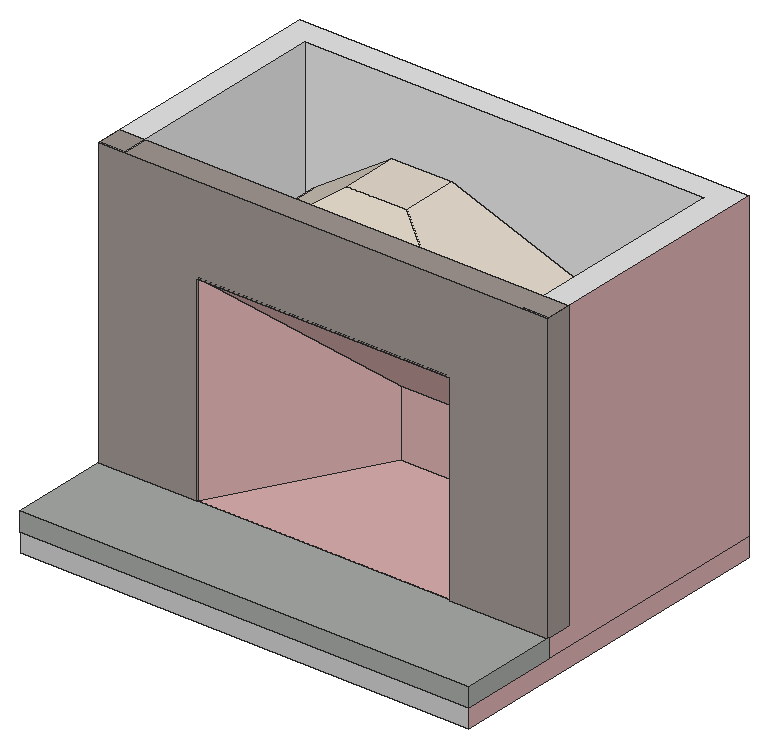
Revit family "Masonry-Fireplace", category Mechanical Equipment, Revit 2026
Family settings
  Round Connector Dimension = Use Diameter
  Part Type = Normal
  Classification Number = 23.40.20.34.14
  Work Plane-Based = No
  Always vertical = Yes
  Cut with Voids When Loaded = No
  Maintain Annotation Orientation = No
  Shared = No
  Room Calculation Point = No
Parameters
  Warranty Duration (Years) = 0
  Smoke Shelf Height = Foundation to TO Smoke Chamber - Hearth Height from Finished Floor - Firebox Height  # 1' - 2"
  Slab Thickness = 0' - 3"
  Slab Material = ARCAT - Concrete - Cast-in-Place Concrete
  Foundation to TO Smoke Chamber = 4' - 4"
  FlueRad = 0' - 8"
  Flue W = 0' - 9 77/128"
  Flue Liner Material [instance] = Masonry - Clay
  URL = "http://www.arcat.com/"
  Test Data = ""
  Specification = "http://www.arcat.com/divs/sec/sec04880.shtml"
  Sales Information = ""
  Projection into Living Space = 0' - 4"
  Product Properties = "http://www.arcat.com/bim/bim_info.pl?fn=Masonry-Fireplace"
  Product Data = "http://www.arcat.com/divs/sec/sec04880.shtml"
  Outer Wall Thickness = 0' - 4"
  Model = "Generic"  # constant formula
  Manufacturer Website = "http://www.arcat.com/"
  Manufacturer Phone - Toll Free = ""
  Manufacturer Phone = "(203) 929-9444"  # constant formula
  Manufacturer Fax = "(203) 939-2444"  # constant formula
  Manufacturer Email = "bim@arcat.com"  # constant formula
  Manufacturer Address = "1077 Bridgeport Ave, Shelton, CT  06484"  # constant formula
  Manufacturer = "Generic"  # constant formula
  Maintenance Schedule (Months) = 0
  Keynote = "04880"
  Installation_Fabrication = ""
  Installation Phase = ""
  Hearth Height from Finished Floor = 0' - 6"
  Hearth Extension = 1' - 4"
  Gross Width [instance] = 6' - 0"
  Gross Depth from Interior Wall [instance] = 3' - 0"
  Green Building - LEED = "http://www.arcat.com/green/green_building.shtml"
  Hearth Extension Material [instance] = Masonry - Bluestone
  Flue D = 0' - 9 3/32"
  Firebrick Width = 0' - 3"
  Firebox Width = 3' - 6"
  Firebox Material = Masonry - Firebrick
  Firebox Height = 2' - 8"
  Firebox Depth = 2' - 0"
  Firebox Back Width = Firebox Width / 3  # 1' - 2"
  Firebox Back Height = Firebox Height / 3  # 0' - 10.66667"
  Interior Finished Face Material [instance] = Masonry - River Rock
  Exterior Finish Face Material [instance] = Masonry - Brick
  Expected Lifespan (Years) = 75
  Drawn By = "Robert S. Weygant. CSI, CDT, SCIP"  # constant formula
  Description = "Masonry Fireplace"
  Default Elevation = 0' - 0"
  Copyright = "2008, ARCAT, Inc."  # constant formula
  Construction Details = "http://www.arcat.com/divs/sec/sec04880.shtml"
  Chimney Structure Material = Masonry - Concrete Masonry Units
  Building Codes = ""
  Assembly Code = "D3020"
Reference planes (in)
  plane 1 "Center (Front/Back)": y = 0
  plane 2 "Finished Floor": z = 0
  plane 3 "Center (Left/Right)": x = -1.29267
  plane 4 "Room Projection": y = -15
  plane 5 "Firebox Back": y = 9
  plane 6 "Firebox Left": x = -21.62447
  plane 7 "Firebox Right": x = 19.03913
  plane 8 "Interior Wall Face": y = -11
  plane 9: y = -31
  plane 10 "Firebox Top": z = 38
  plane 11 "Hearth Height": z = 6
  plane 12 "Outside Wall Left": x = -37.29267
  plane 13 "Outside Wall Back": y = 25
  plane 14 "Outside Wall Right": x = 34.70733
  plane 15 "TO SmokeShelf": z = 52
Forms (in)
  Revolve 1, solid, material "ARCAT - Plastic, ABS_ Black", not visible
    sketch origin (0, -17.5, 0) x (1, 0, 0) y (0, 0, 1)
      loop
        line (-0.5, 0) -> (-0.5, 1.25) -> (-0.84088, 1.25)
        arc (-0.84088, 1.25) -> (-0.78761, 0.67535) -> (-0.68042, 0.10828) r 6.11694
        arc (-0.68042, 0.10828) -> (-0.60039, 0.03718) -> (-0.5, 0) r 0.28974
      axis (-0.84088, 1.25) -> (-0.5, 1.25)
    angle from 0 to 360
  Revolve 2, solid, material "ARCAT - Plastic, ABS_ Black", not visible
    sketch origin (0, -17.5, 0) x (1, 0, 0) y (0, 0, 1)
      loop
        line (-0.42303, 0) -> (-0.03347, 0) -> (-0.03347, 1.25) -> (-0.42303, 1.25) -> (-0.42303, 0)
      axis (-0.42303, 1.25) -> (-0.03347, 1.25)
    angle from 0 to 360
  Revolve 3, solid, material "ARCAT - Plastic, ABS_ Black", not visible
    sketch origin (0, -17.5, 0) x (-1, 0, 0) y (0, 0, -1)
      loop
        arc (-0.5, 0) -> (-0.60039, -0.03718) -> (-0.68042, -0.10828) r 0.28974
        arc (-0.68042, -0.10828) -> (-0.78761, -0.67535) -> (-0.84088, -1.25) r 6.11694
        line (-0.84088, -1.25) -> (-0.5, -1.25) -> (-0.5, 0)
      axis (-0.84088, -1.25) -> (-0.5, -1.25)
    angle from 0 to 360
  Revolve 4, solid, material "ARCAT - Plastic, ABS_ Black", not visible
    sketch origin (0, -17.5, 0) x (-1, 0, 0) y (0, 0, -1)
      loop
        line (-0.42303, 0) -> (-0.42303, -1.25) -> (-0.03347, -1.25) -> (-0.03347, 0) -> (-0.42303, 0)
      axis (-0.42303, -1.25) -> (-0.03347, -1.25)
    angle from 0 to 360
  Extrusion 5, solid, material "ARCAT - Plastic, ABS_ Grey", not visible
    sketch origin (-0.75, -17.5, 0) x (0, 1, 0) y (0, 0, 1)
      loop
        line (1.46088, 1.51447) -> (1.71419, 1.51447)
        arc (1.71419, 1.51447) -> (0.4593, 2.88899) -> (-1.28869, 2.24979) r 1.67086
        line (-1.28869, 2.24979) -> (-1.08661, 2.1026)
        arc (-1.08661, 2.1026) -> (0.38152, 2.65052) -> (1.46088, 1.51447) r 1.42086
    from 0 to 1.5
  Extrusion 6, solid, material "ARCAT - Plastic, ABS_ Grey", not visible
    sketch origin (0, -1.25, 2.86135) x (1, 0, 0) y (0, 1, 0)
      loop
        circle (0.03347, -16.25) r 0.39105
    from 0 to 1.13865
  Extrusion 7, solid, material "Masonry - Firebrick" <- "Firebox Material"
    sketch origin (0, 0, 0) x (1, 0, 0) y (0, 1, 0)
      loop
        line (22.03913, -15) -> (22.03913, 12) -> (-24.62447, 12) -> (-24.62447, -15) -> (22.03913, -15)
    from 6 to 38
  Blend 8, void
    base sketch origin (0, 0, 0) x (1, 0, 0) y (0, 0, 1)
      loop
        line (-21.62447, 38) -> (-21.62447, 6) -> (19.03913, 6) -> (19.03913, 38) -> (-21.62447, 38)
    top sketch origin (0, 0, 0) x (1, 0, 0) y (0, 0, 1)
      loop
        line (-8.29267, 16.66667) -> (-8.29267, 6) -> (5.70733, 6) -> (5.70733, 16.66667) -> (-8.29267, 16.66667)
    from 15 to -9
  Extrusion 9, solid, material "Masonry - Firebrick" <- "Firebox Material"
    sketch origin (0, 0, 0) x (1, 0, 0) y (0, 1, 0)
      loop
        line (-21.62447, -15) -> (19.03913, -15) -> (19.03913, 9) -> (-21.62447, 9) -> (-21.62447, -15)
    from 3 to 6
  Extrusion 10, solid, material "Masonry - Concrete Masonry Units" <- "Chimney Structure Material"
    sketch origin (0, 0, 0) x (1, 0, 0) y (0, 1, 0)
      loop
        line (-37.29267, 25) -> (-37.29267, -15) -> (-33.29267, -15) -> (-33.29267, 21) -> (30.70733, 21) -> (30.70733, -15) -> (34.70733, -15) -> (34.70733, 25) -> (-37.29267, 25)
    from 3 to 52
  Extrusion 11, solid, material "Masonry - Bluestone" <- "Hearth Extension Material"
    sketch origin (0, 0, 0) x (1, 0, 0) y (0, 1, 0)
      loop
        line (-37.29267, -15) -> (-37.29267, -31) -> (34.70733, -31) -> (34.70733, -15) -> (-37.29267, -15)
    from 3 to 6
  Extrusion 12, solid, material "ARCAT - Concrete - Cast-in-Place Concrete" <- "Slab Material"
    sketch origin (0, 0, 0) x (1, 0, 0) y (0, 1, 0)
      loop
        line (-37.29267, 25) -> (-37.29267, -31) -> (34.70733, -31) -> (34.70733, 25) -> (-37.29267, 25)
    from 0 to 3
  Extrusion 13, solid, material "Masonry - River Rock" <- "Interior Finished Face Material"
    sketch origin (0, 0, 0) x (1, 0, 0) y (0, 0, 1)
      loop
        line (-37.29267, 52) -> (-37.29267, 6) -> (-21.62447, 6) -> (-21.62447, 38) -> (19.03913, 38) -> (19.03913, 6) -> (34.70733, 6) -> (34.70733, 52) -> (-37.29267, 52)
    from 11 to 15.26192
  Blend 14, solid, material "Masonry - Clay" <- "Flue Liner Material"
    base sketch origin (0, 0, 38) x (-1, 0, 0) y (0, -1, 0)
      loop
        line (24.62447, -12) -> (24.62447, 15) -> (-22.03913, 15) -> (-22.03913, -12) -> (24.62447, -12)
    top sketch origin (0, 0, 38) x (-1, 0, 0) y (0, -1, 0)
      loop
        line (6.09345, -4.54687) -> (6.09345, 4.54688) -> (-3.50811, 4.54688) -> (-3.50811, -4.54687) -> (6.09345, -4.54687)
    from 0 to 14
Cuts and joins
  Blend 8 cuts Extrusion 7
Dimensions and locks (in)
  equal spacing: plane 6 "Firebox Left", plane 3 "Center (Left/Right)", plane 7 "Firebox Right"
  plane 6 "Firebox Left" to plane 7 "Firebox Right" = 3' - 4.6636"
  "Firebox Depth": plane 5 "Firebox Back" to plane 4 "Room Projection"
  "Hearth Extension": plane 4 "Room Projection" to plane 9
  "Hearth Height from Finished Floor": plane 11 "Hearth Height" to plane 2 "Finished Floor"
  "Firebox Height": plane 10 "Firebox Top" to plane 11 "Hearth Height"
  "Firebrick Width": Extrusion 7 sketch curve to plane 5 "Firebox Back"
  "Firebrick Width": plane 7 "Firebox Right" to Extrusion 7 sketch curve
  "Firebrick Width": Extrusion 7 sketch curve to plane 6 "Firebox Left"
  equal spacing: Blend 8 sketch curve, plane 3 "Center (Left/Right)", Blend 8 sketch curve
  "Firebox Back Width": Blend 8 sketch curve to Blend 8 sketch curve
  "Firebox Back Height": Blend 8 sketch curve to Blend 8 sketch curve
  "Firebrick Width": Extrusion 9 to Extrusion 9
  "Gross Width": plane 12 "Outside Wall Left" to plane 14 "Outside Wall Right"
  "Gross Depth from Interior Wall": plane 13 "Outside Wall Back" to plane 8 "Interior Wall Face"
  "Projection into Living Space": plane 8 "Interior Wall Face" to plane 4 "Room Projection"
  "Slab Thickness": Extrusion 12 to Extrusion 12
  "Outer Wall Thickness": plane 12 "Outside Wall Left" to Extrusion 10
  "Outer Wall Thickness": plane 13 "Outside Wall Back" to Extrusion 10
  "Outer Wall Thickness": Extrusion 10 to plane 14 "Outside Wall Right"
  "Outer Wall Thickness": Extrusion 13 to plane 4 "Room Projection"
  equal spacing: Blend 14 sketch curve, plane 3 "Center (Left/Right)", Blend 14 sketch curve
  "Flue W": Blend 14 sketch curve to Blend 14 sketch curve
  equal spacing: Blend 14 sketch curve, plane 1 "Center (Front/Back)", Blend 14 sketch curve
  "Flue D": Blend 14 sketch curve to Blend 14 sketch curve
  "Smoke Shelf Height": plane 15 "TO SmokeShelf" to plane 10 "Firebox Top"
  locked: plane 4 "Room Projection" to Extrusion 13 at 0.26192
  equal spacing: plane 14 "Outside Wall Right", plane 3 "Center (Left/Right)", plane 12 "Outside Wall Left"
  aligned and locked: Extrusion 7 to plane 11 "Hearth Height"
  aligned and locked: plane 10 "Firebox Top" to Extrusion 7
  aligned and locked: plane 6 "Firebox Left" to Blend 8 sketch curve  (x2)
  aligned and locked: plane 11 "Hearth Height" to Blend 8 sketch curve  (x2)
  aligned and locked: Blend 8 sketch curve to plane 10 "Firebox Top"
  aligned and locked: Blend 8 sketch curve to plane 7 "Firebox Right"
  aligned and locked: plane 5 "Firebox Back" to Blend 8
  aligned and locked: plane 5 "Firebox Back" to Extrusion 9 sketch curve
  aligned and locked: plane 7 "Firebox Right" to Extrusion 9 sketch curve
  aligned and locked: Extrusion 9 sketch curve to plane 6 "Firebox Left"
  aligned and locked: plane 11 "Hearth Height" to Extrusion 9
  aligned and locked: Extrusion 10 sketch curve to plane 14 "Outside Wall Right"
  aligned and locked: plane 9 to Extrusion 11 sketch curve
  aligned and locked: Extrusion 11 sketch curve to plane 14 "Outside Wall Right"
  aligned and locked: Extrusion 12 sketch curve to Extrusion 10  (x2)
  aligned and locked: Extrusion 11 to Extrusion 12 sketch curve
  aligned and locked: Extrusion 12 sketch curve to Extrusion 11
  aligned and locked: Extrusion 12 to Extrusion 9
  aligned and locked: plane 11 "Hearth Height" to Extrusion 11
  aligned and locked: Extrusion 11 to Extrusion 12
  aligned and locked: plane 4 "Room Projection" to Extrusion 10 sketch curve  (x2)
  aligned and locked: plane 12 "Outside Wall Left" to Extrusion 13 sketch curve
  aligned and locked: plane 11 "Hearth Height" to Extrusion 13 sketch curve
  aligned and locked: Extrusion 13 sketch curve to plane 14 "Outside Wall Right"
  aligned and locked: plane 6 "Firebox Left" to Extrusion 13 sketch curve
  aligned and locked: Extrusion 13 sketch curve to plane 7 "Firebox Right"
  aligned and locked: Extrusion 13 sketch curve to plane 10 "Firebox Top"
  aligned and locked: plane 4 "Room Projection" to Extrusion 11
  aligned and locked: Extrusion 9 sketch curve to plane 4 "Room Projection"
  aligned and locked: Extrusion 7 sketch curve to plane 4 "Room Projection"
  aligned and locked: Blend 8 to plane 4 "Room Projection"
  aligned and locked: plane 15 "TO SmokeShelf" to Extrusion 10
  aligned and locked: plane 15 "TO SmokeShelf" to Extrusion 13
  aligned and locked: Blend 14 sketch curve to cut or joined group of Extrusion 7, Blend 8  (x3)
  aligned and locked: cut or joined group of Extrusion 7, Blend 8 to Blend 14 sketch curve
  aligned and locked: plane 15 "TO SmokeShelf" to Blend 14
  aligned and locked: Extrusion 10 to Extrusion 12
Automatic sketch dimensions
  Extrusion 10 sketch curve to plane 12 "Outside Wall Left" = 0' - 0"
  Extrusion 10 sketch curve to plane 13 "Outside Wall Back" = 0' - 0"
  Extrusion 10 sketch curve to plane 6 "Firebox Left" = 0' - 11.6682"
  plane 7 "Firebox Right" to Extrusion 10 sketch curve = 0' - 11.6682"
  Extrusion 10 sketch curve to plane 13 "Outside Wall Back" = 0' - 4"
  Extrusion 11 sketch curve to plane 12 "Outside Wall Left" = 0' - 0"
  Extrusion 11 sketch curve to plane 8 "Interior Wall Face" = 0' - 4"
  plane 15 "TO SmokeShelf" to Extrusion 13 sketch curve = 0' - 0"
  Extrusion 13 sketch curve to plane 11 "Hearth Height" = 0' - 0"
